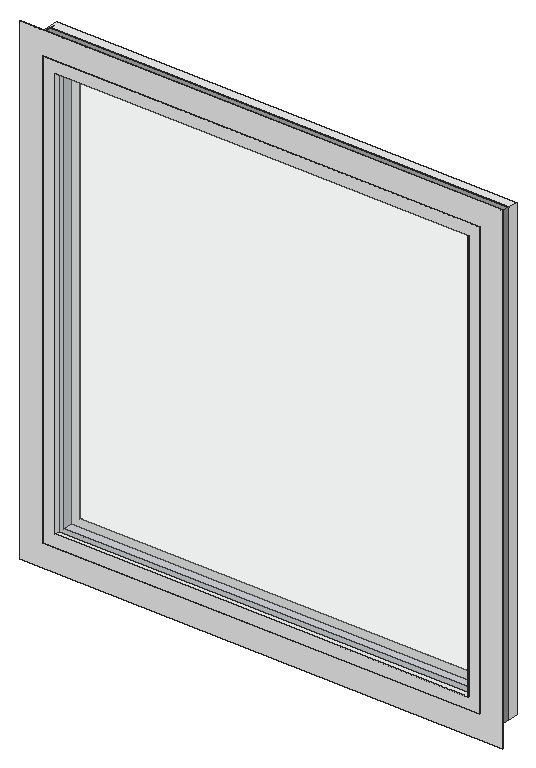
Revit family "Edge_TB42_B_Side_Hung_Standard", category Windows, host Wall, Revit 2014
Parameters (values of type "Casement_Sash_DG")
  Width Sash [instance] = 30 mm
  Width Sash Inner = 15 mm
  Width Bead = 15 mm
  Top Hung [instance] = yes
  Thermal Break Material = Rubber, Black
  Thermal Break Length = 16 mm
  Side Hung Right [instance] = yes
  Side Hung Left [instance] = yes
  Sash Opening Width [instance] = 600 mm
  Sash Opening Height [instance] = 600 mm
  Sash Lip = 15 mm
  Sash Leg [instance] = (Depth Sash - Thermal Break Length) / 2  # 13 mm
  SG Bead Leg = 6.683 mm
  Glazing Material [instance] = Glass
  Glazing Offset = 5 mm
  DG Start Piece 2 [instance] = DG End Piece 1 + DG Gasket Thickness  # 24.158 mm
  DG Start Peice 1 [instance] = ((Depth Sash - (2 * DG Glazing Thickness) - DG Gasket Thickness) / 2) - (SG Bead Leg - Aluminium Thickness) / 2  # 5.758 mm
  DG Glazing Thickness [instance] = 6.4 mm
  DG Gasket Thickness = 12 mm  # constant formula
  DG Gasket Material [instance] = none
  Depth Sash [instance] = 42 mm
  DG End Piece 2 [instance] = DG Start Piece 2 + DG Glazing Thickness  # 30.558 mm
  DG End Piece 1 [instance] = DG Start Peice 1 + DG Glazing Thickness  # 12.158 mm
  Center Vertical Sash [instance] = Sash Opening Height / 2  # 300 mm
  Center Horizontal Sash [instance] = Sash Opening Width / 2  # 300 mm
  Bottom Hung [instance] = yes
  Bead Offset = 15 mm
  Aluminium Thickness = 1 mm
  Aluminium Material [instance] = White Powder Coated Aluminium
Reference planes
  plane 1 "Center (Front/Back)": y = 0
  plane 2: z = 0
  plane 3 "Center (Left/Right)": x = 0
Forms (mm)
  Sweep 1, solid, material "White Powder Coated Aluminium" <- "Aluminium Material"
    path origin (16.177, 0, 121.331) x (1, 0, 0) y (0, 0, 1)
      loop
        line (0, 0) -> (600, 0) -> (600, 600) -> (0, 600) -> (0, 0)
    profile origin (316.177, 0, 121.331) x (0, 0, 1) y (0, -1, 0)
      loop
        line (0, 0) -> (30, 0) -> (30, 1) -> (15, 1) -> (15, 13) -> (14, 13) -> (14, 1) -> (1, 1) -> (1, 13) -> (0, 13) -> (0, 0)
      loop
        line (15, 42) -> (-15, 42) -> (-15, 41) -> (0, 41) -> (0, 29) -> (1, 29) -> (1, 41) -> (14, 41) -> (14, 29) -> (15, 29) -> (15, 42)
  Sweep 2, solid, material "White Powder Coated Aluminium" <- "Aluminium Material"
    path origin (0, 0, 0) x (1, 0, 0) y (0, 0, 1)
      loop
        line (31.177, 706.331) -> (31.177, 136.331) -> (601.177, 136.331) -> (601.177, 706.331) -> (31.177, 706.331)
    profile origin (316.177, 0, 706.331) x (0, 0, 1) y (0, -1, 0)
      loop
        line (0, 41) -> (0, 42) -> (-15, 42) -> (-15, 35.317) -> (-14, 35.317) -> (-14, 41) -> (0, 41)
  Extrusion 3, solid, material "Glass" <- "Glazing Material"
    sketch origin (0, 0, 0) x (1, 0, 0) y (0, 0, 1)
      loop
        line (36.177, 701.331) -> (36.177, 141.331) -> (596.177, 141.331) -> (596.177, 701.331) -> (36.177, 701.331)
    from 5.758 <- "DG Start Peice 1" to 12.158 <- "DG End Piece 1"
  Extrusion 4, solid, material "Glass" <- "Glazing Material"
    sketch origin (0, 0, 0) x (1, 0, 0) y (0, 0, 1)
      loop
        line (36.177, 701.331) -> (36.177, 141.331) -> (596.177, 141.331) -> (596.177, 701.331) -> (36.177, 701.331)
    from 30.558 <- "DG End Piece 2" to 24.158 <- "DG Start Piece 2"
  Sweep 5, solid, material <- "DG Gasket Material"
    path origin (0, -12.158, 0) x (1, 0, 0) y (0, 0, 1)
      loop
        line (36.177, 701.331) -> (36.177, 141.331) -> (596.177, 141.331) -> (596.177, 701.331) -> (36.177, 701.331)
    profile origin (316.177, -12.158, 701.331) x (0, 0, 1) y (0, -1, 0)
      loop
        line (0, 0) -> (0, 12) -> (-7.96, 12) -> (-7.96, 0) -> (0, 0)
  Sweep 6, solid, material "Rubber, Black" <- "Thermal Break Material"
    path origin (16.177, -13, 121.331) x (1, 0, 0) y (0, 0, 1)
      loop
        line (-15, 615) -> (-15, -15) -> (615, -15) -> (615, 615) -> (-15, 615)
    profile origin (316.177, -13, 736.331) x (0, 0, 1) y (0, -1, 0)
      loop
        line (-15, 16) -> (-16, 16) -> (-16, 0) -> (-15, 0) -> (-15, 16)
      loop
        line (-29, 16) -> (-30, 16) -> (-30, 0) -> (-29, 0) -> (-29, 16)
Lines and regions (mm)
  model lines
    curve 1: line (1.177, -42, 736.331) -> (31.177, -42, 706.331)
    curve 2: line (601.177, -42, 706.331) -> (631.177, -42, 736.331)
    curve 3: line (601.177, -42, 136.331) -> (631.177, -42, 106.331)
    curve 4: line (1.177, -42, 106.331) -> (31.177, -42, 136.331)
    curve 5: line (631.177, -41, 736.331) -> (616.177, -41, 721.331)
    curve 6: line (1.177, -41, 736.331) -> (16.177, -41, 721.331)
    curve 7: line (1.177, -41, 106.331) -> (16.177, -41, 121.331)
    curve 8: line (631.177, -41, 106.331) -> (616.177, -41, 121.331)
    curve 9: line (616.177, 0, 121.331) -> (586.177, 0, 151.331)
    curve 10: line (46.177, 0, 151.331) -> (16.177, 0, 121.331)
    curve 11: line (616.177, 0, 721.331) -> (586.177, 0, 691.331)
    curve 12: line (46.177, 0, 691.331) -> (16.177, 0, 721.331)
    curve 13: line (31.177, -42, 691.331) -> (46.177, -42, 691.331)
    curve 14: line (586.177, -42, 691.331) -> (601.177, -42, 691.331)
    curve 15: line (586.177, -42, 151.331) -> (601.177, -42, 151.331)
    curve 16: line (31.177, -42, 151.331) -> (46.177, -42, 151.331)
  model lines, style "GenericModelHiddenLines", visible <- "Top Hung"
    curve 17: line (46.386, -30.558, 690.602) -> (316.177, -30.558, 151.331)
    curve 18: line (316.177, -30.558, 151.331) -> (586.177, -30.558, 691.018)
  model lines, style "GenericModelHiddenLines", visible <- "Bottom Hung"
    curve 19: line (46.177, -30.558, 151.331) -> (316.177, -30.558, 691.018)
    curve 20: line (316.177, -30.558, 691.018) -> (586.177, -30.558, 151.331)
  model lines, style "GenericModelHiddenLines", visible <- "Side Hung Left"
    curve 21: line (46.386, -30.558, 690.602) -> (585.24, -30.558, 421.331)
    curve 22: line (585.24, -30.558, 421.331) -> (46.177, -30.558, 151.331)
  model lines, style "GenericModelHiddenLines", visible <- "Side Hung Right"
    curve 23: line (586.177, -30.558, 691.018) -> (46.177, -30.558, 421.331)
    curve 24: line (46.177, -30.558, 421.331) -> (586.177, -30.558, 151.331)
Dimensions and locks
  "Aluminium Thickness": Sweep 1 sketch curve to Sweep 1 sketch curve  (x6)
  "Depth Sash": Sweep 1 sketch curve to Sweep 1 sketch curve
  "Sash Opening Width": Sweep 1 to Sweep 1
  "Sash Opening Height": Sweep 1 to Sweep 1
  "Width Sash": Sweep 1 sketch curve to Sweep 1 sketch curve  (x2)
  "Width Sash Inner": Sweep 1 sketch curve to Sweep 1 sketch curve
  "Sash Lip": Sweep 1 sketch curve to Sweep 1 sketch curve
  "Glazing Offset": Sweep 2 to Extrusion 3 sketch curve  (x3)
  "Glazing Offset": Extrusion 3 sketch curve to Sweep 2
  Sweep 1 to Sweep 1 = 1 mm
  "Width Bead": Sweep 2 sketch curve to Sweep 2 sketch curve
  locked: Sweep 5 sketch curve to Sweep 5 sketch curve at 7.96
  "Center Horizontal Sash": Sweep 1 to curve 18
  "Center Horizontal Sash": Sweep 1 to curve 20
  "Center Vertical Sash": Sweep 1 to curve 22
  "Center Vertical Sash": Sweep 1 to curve 24
  "Sash Leg": Sweep 1 sketch curve to Sweep 1 sketch curve
  "Aluminium Thickness": Sweep 2 sketch curve to Sweep 2 sketch curve  (x2)
  "SG Bead Leg": Sweep 2 sketch curve to Sweep 2 sketch curve
  aligned and locked: level to plane 2
  aligned and locked: Sweep 1 sketch curve to Sweep 1 sketch curve  (x3)
  aligned and locked: Sweep 2 sketch curve to Sweep 1  (x4)
  aligned and locked: Sweep 1 to Sweep 2 sketch curve  (x2)
  aligned and locked: Extrusion 4 sketch curve to Extrusion 3  (x4)
  aligned and locked: Sweep 5 sketch curve to Extrusion 3  (x5)
  aligned and locked: Extrusion 3 to Sweep 5 sketch curve
  aligned and locked: Sweep 6 sketch curve to Sweep 1  (x10)
  aligned and locked: Sweep 1 to Sweep 6 sketch curve  (x2)
Automatic sketch dimensions
  plane 3 "Center (Left/Right)" to Sweep 1 sketch curve = 16.177 mm
  level to Sweep 1 sketch curve = 121.331 mm
  plane 3 "Center (Left/Right)" to Sweep 1 sketch curve = 616.177 mm
  level to Sweep 1 sketch curve = 721.331 mm
  profile plane to Sweep 5 sketch curve = 12 mm
  curve 7 to Sweep 1 = 0 mm  (x4)
  curve 6 to Sweep 1 = 0 mm  (x3)
  Sweep 1 to curve 6 = 0 mm
  curve 5 to Sweep 1 = 0 mm  (x3)
  curve 8 to Sweep 1 = 0 mm  (x4)
  Sweep 1 to curve 5 = 0 mm
  curve 16 to Sweep 2 = 0 mm  (x3)
  curve 13 to Sweep 2 = 0 mm  (x3)
  curve 15 to Sweep 2 = 0 mm
  Sweep 2 to curve 15 = 0 mm  (x2)
  curve 14 to Sweep 2 = 0 mm  (x2)
  Sweep 2 to curve 14 = 0 mm
  curve 1 to Sweep 1 = 0 mm  (x4)
  curve 4 to Sweep 1 = 0 mm  (x4)
  curve 2 to Sweep 1 = 0 mm  (x4)
  curve 3 to Sweep 1 = 0 mm  (x2)
  Sweep 1 to curve 3 = 0 mm  (x2)
  curve 10 to Sweep 1 = 0 mm  (x4)
  curve 12 to Sweep 1 = 0 mm  (x2)
  Sweep 1 to curve 12 = 0 mm  (x2)
  curve 11 to Sweep 1 = 0 mm  (x4)
  curve 9 to Sweep 1 = 0 mm  (x4)
  profile plane to Sweep 1 sketch curve = 0 mm  (x2)
  Sweep 1 sketch curve to plane 1 "Center (Front/Back)" = 0 mm
  Sweep 1 sketch curve to Sweep 1 sketch curve = 13 mm
  Sweep 1 sketch curve to Sweep 1 sketch curve = 12 mm  (x2)
  curve 21 to Extrusion 4 = 10.208 mm
  curve 19 to Extrusion 4 = 10 mm
  curve 23 to Extrusion 4 = 10 mm  (x2)
  curve 22 to Extrusion 4 = 10.937 mm
  curve 20 to Extrusion 4 = 10 mm
  curve 24 to Extrusion 4 = 10 mm
  curve 22 to Extrusion 4 = 10 mm
  curve 18 to Extrusion 4 = 10 mm
  curve 21 to Extrusion 4 = 10.729 mm
  curve 19 to Extrusion 4 = 10.312 mm
  curve 18 to Extrusion 4 = 10.312 mm
Types in the file's own list only (18): name | Windload Design | Width Sash Opening | Width Sash | Width Profile | Width Panel 4 | Width Panel 1 | Width | URL | Offset Window Exterior | Max System DG Unit Thickness | Max System DG One Piece Thickness | Max Pane Area | Limit Fixed Panel Width Max | Intruderprufe U Value | Intruderprufe SHGC Value | Intruderprufe LowE U Value | Intruderprufe LowE SHGC Value | Intruderprufe Insulated U Value | Intruderprufe Insulated SHGC Value | Intruderprufe Insulated LowE U Value | Intruderprufe Insulated LowE SHGC Value | Height Sash Opening | Height | Has Stiffener Cap | Energy Advantage U Value | Energy Advantage SHGC Value | DG Thickness Calc | Custom Window Width | Custom Window Height | Window Exterior Offset | Custom Windload | Custom Sash Width | Sash Spacing Inner | Sash Overlap | Sash Center Offset | SG Gasket Thickness | Offset Sash Left | Offset Sash Top | Offset Panel 4 Left | Offset Mullion Left | Offset Bead SG Center Reversed | Model | Manufacturer | Limit Window Width Min | Limit Window Width Max | Limit Window Height Min | Limit Window Height Max | Limit Sash Width Min | Limit Sash Width Max | Limit Sash Height Min | Limit Sash Height Max | Limit Fixed Panel Width Min | Length Mullion | Height Sash | Height Panel 4 | Description | Depth Mullion | Frame Center Offset | Depth Bead | Default Sill Height | Wall Closure | DG Gasket Finish | DG Extrusion Start | Mullion Depth Windload Based | Clearvue U Value | Clearvue SHGC Value | Clearvue Insulated U Value | Clearvue Insulated SHGC Value | Clearvue Insulated LowE U Value | Clearvue Insulated LowE SHGC Value | Casement Dimension | Bead SG Gap | Area Pane Right | Area Pane Left
  EDGE-0909S-1000Pa | 1000 mm | 554 mm | 524 mm | 30 mm | 261 mm | 539 mm | 890 mm | "http://www.crealco.co.za/crealco-products.php" | 21 mm | 25 mm | 6 mm | 0.37 m² | 1500 mm | 5.18 | 0.485 | 4.02 | 0.437 | 3.1 | 0.433 | 2.66 | 0.392 | 844 mm | 890 mm | No | 4.02 | 0.467 | 4 mm | 890 mm | 890 mm | 0 mm | 1000 mm | 554 mm | 8 mm | 7 mm | 18 mm | 6 mm | 23 mm | 23 mm | 599 mm | 569 mm | 21 mm | "Edge" | "Crealco" | 829 mm | 2129 mm | 346 mm | 1546 mm | 300 mm | 700 mm | 300 mm | 1500 mm | 200 mm | 890 mm | 814 mm | 830 mm | "Thermal break casement windows (42mm), Type B side hung" | 0 mm | 21 mm | 28 mm | 800 mm | By host | Double Glazing Gasket Material | 11 mm | 0 mm | 5.27 | 0.521 | 3.14 | 0.473 | 2.7 | 0.431 | 42 mm | 13 mm | 0.21 m² | 0.37 m²
  EDGE-1209S-1000Pa | 1000 mm | 554 mm | 524 mm | 30 mm | 561 mm | 539 mm | 1190 mm | "http://www.crealco.co.za/crealco-products.php" | 21 mm | 25 mm | 6 mm | 0.45 m² | 1500 mm | 5.29 | 0.542 | 3.96 | 0.485 | 3.02 | 0.481 | 2.52 | 0.435 | 844 mm | 890 mm | No | 3.97 | 0.52 | 4 mm | 1190 mm | 890 mm | 0 mm | 1000 mm | 554 mm | 8 mm | 7 mm | 18 mm | 6 mm | 23 mm | 23 mm | 599 mm | 569 mm | 21 mm | "Edge" | "Crealco" | 829 mm | 2129 mm | 346 mm | 1546 mm | 300 mm | 700 mm | 300 mm | 1500 mm | 200 mm | 890 mm | 814 mm | 830 mm | "Thermal break casement windows (42mm), Type B side hung" | 0 mm | 21 mm | 28 mm | 800 mm | By host | Double Glazing Gasket Material | 11 mm | 0 mm | 5.38 | 0.581 | 3.07 | 0.524 | 2.56 | 0.477 | 42 mm | 13 mm | 0.45 m² | 0.37 m²
  EDGE-1509S-1000Pa | 1000 mm | 554 mm | 524 mm | 30 mm | 861 mm | 539 mm | 1490 mm | "http://www.crealco.co.za/crealco-products.php" | 21 mm | 25 mm | 6 mm | 0.70 m² | 1500 mm | 5.35 | 0.575 | 3.92 | 0.514 | 2.98 | 0.509 | 2.44 | 0.46 | 844 mm | 890 mm | No | 3.94 | 0.551 | 4 mm | 1490 mm | 890 mm | 0 mm | 1000 mm | 554 mm | 8 mm | 7 mm | 18 mm | 6 mm | 23 mm | 23 mm | 599 mm | 569 mm | 21 mm | "Edge" | "Crealco" | 829 mm | 2129 mm | 346 mm | 1546 mm | 300 mm | 700 mm | 300 mm | 1500 mm | 200 mm | 890 mm | 814 mm | 830 mm | "Thermal break casement windows (42mm), Type B side hung" | 0 mm | 21 mm | 28 mm | 800 mm | By host | Double Glazing Gasket Material | 11 mm | 0 mm | 5.45 | 0.617 | 3.02 | 0.55 | 2.48 | 0.504 | 42 mm | 13 mm | 0.70 m² | 0.37 m²
  EDGE-0912S-1000Pa | 1000 mm | 554 mm | 524 mm | 30 mm | 261 mm | 539 mm | 890 mm | "http://www.crealco.co.za/crealco-products.php" | 21 mm | 25 mm | 6 mm | 0.52 m² | 1500 mm | 5.22 | 0.51 | 4 | 0.458 | 3.07 | 0.453 | 2.6 | 0.41 | 1144 mm | 1190 mm | No | 4 | 0.49 | 4 mm | 890 mm | 1190 mm | 0 mm | 1000 mm | 554 mm | 8 mm | 7 mm | 18 mm | 6 mm | 23 mm | 23 mm | 599 mm | 569 mm | 21 mm | "Edge" | "Crealco" | 829 mm | 2129 mm | 346 mm | 1546 mm | 300 mm | 700 mm | 300 mm | 1500 mm | 200 mm | 1190 mm | 1114 mm | 1130 mm | "Thermal break casement windows (42mm), Type B side hung" | 0 mm | 21 mm | 28 mm | 800 mm | By host | Double Glazing Gasket Material | 11 mm | 0 mm | 5.23 | 0.547 | 3.11 | 0.495 | 2.64 | 0.45 | 42 mm | 13 mm | 0.28 m² | 0.52 m²
  EDGE-1212S-1000Pa | 1000 mm | 554 mm | 524 mm | 30 mm | 561 mm | 539 mm | 1190 mm | "http://www.crealco.co.za/crealco-products.php" | 21 mm | 25 mm | 6 mm | 0.62 m² | 1500 mm | 5.33 | 0.566 | 3.39 | 0.506 | 2.99 | 0.5 | 2.46 | 0.452 | 1144 mm | 1190 mm | No | 3.95 | 0.542 | 4 mm | 1190 mm | 1190 mm | 0 mm | 1000 mm | 554 mm | 8 mm | 7 mm | 18 mm | 6 mm | 23 mm | 23 mm | 599 mm | 569 mm | 21 mm | "Edge" | "Crealco" | 829 mm | 2129 mm | 346 mm | 1546 mm | 300 mm | 700 mm | 300 mm | 1500 mm | 200 mm | 1190 mm | 1114 mm | 1130 mm | "Thermal break casement windows (42mm), Type B side hung" | 0 mm | 21 mm | 28 mm | 800 mm | By host | Double Glazing Gasket Material | 11 mm | 0 mm | 5.43 | 0.606 | 3.03 | 0.545 | 2.5 | 0.495 | 42 mm | 13 mm | 0.62 m² | 0.52 m²
  EDGE-1512S-1000Pa | 1000 mm | 554 mm | 524 mm | 30 mm | 861 mm | 539 mm | 1490 mm | "http://www.crealco.co.za/crealco-products.php" | 21 mm | 25 mm | 6 mm | 0.95 m² | 1500 mm | 5.4 | 0.599 | 3.89 | 0.534 | 2.95 | 0.528 | 2.38 | 0.477 | 1144 mm | 1190 mm | No | 3.92 | 0.573 | 4 mm | 1490 mm | 1190 mm | 0 mm | 1000 mm | 554 mm | 8 mm | 7 mm | 18 mm | 6 mm | 23 mm | 23 mm | 599 mm | 569 mm | 21 mm | "Edge" | "Crealco" | 829 mm | 2129 mm | 346 mm | 1546 mm | 300 mm | 700 mm | 300 mm | 1500 mm | 200 mm | 1190 mm | 1114 mm | 1130 mm | "Thermal break casement windows (42mm), Type B side hung" | 0 mm | 21 mm | 28 mm | 800 mm | By host | Double Glazing Gasket Material | 11 mm | 0 mm | 5.5 | 0.641 | 2.99 | 0.575 | 2.42 | 0.523 | 42 mm | 13 mm | 0.95 m² | 0.52 m²
  EDGE-0909S-1500Pa | 1500 mm | 554 mm | 524 mm | 30 mm | 261 mm | 539 mm | 890 mm | "http://www.crealco.co.za/crealco-products.php" | 21 mm | 25 mm | 6 mm | 0.37 m² | 1500 mm | 5.18 | 0.485 | 4.02 | 0.437 | 3.1 | 0.433 | 2.66 | 0.392 | 844 mm | 890 mm | No | 4.02 | 0.467 | 4 mm | 890 mm | 890 mm | 0 mm | 1500 mm | 554 mm | 8 mm | 7 mm | 18 mm | 6 mm | 23 mm | 23 mm | 599 mm | 569 mm | 21 mm | "Edge" | "Crealco" | 829 mm | 2129 mm | 346 mm | 1546 mm | 300 mm | 700 mm | 300 mm | 1500 mm | 200 mm | 890 mm | 814 mm | 830 mm | "Thermal break casement windows (42mm), Type B side hung" | 0 mm | 21 mm | 28 mm | 800 mm | By host | Double Glazing Gasket Material | 11 mm | 0 mm | 5.27 | 0.521 | 3.14 | 0.473 | 2.7 | 0.431 | 42 mm | 13 mm | 0.21 m² | 0.37 m²
  EDGE-0909S-2000Pa | 2000 mm | 554 mm | 524 mm | 30 mm | 261 mm | 539 mm | 890 mm | "http://www.crealco.co.za/crealco-products.php" | 21 mm | 25 mm | 6 mm | 0.37 m² | 1500 mm | 5.18 | 0.485 | 4.02 | 0.437 | 3.1 | 0.433 | 2.66 | 0.392 | 844 mm | 890 mm | No | 4.02 | 0.467 | 4 mm | 890 mm | 890 mm | 0 mm | 2000 mm | 554 mm | 8 mm | 7 mm | 18 mm | 6 mm | 23 mm | 23 mm | 599 mm | 569 mm | 21 mm | "Edge" | "Crealco" | 829 mm | 2129 mm | 346 mm | 1546 mm | 300 mm | 700 mm | 300 mm | 1500 mm | 200 mm | 890 mm | 814 mm | 830 mm | "Thermal break casement windows (42mm), Type B side hung" | 0 mm | 21 mm | 28 mm | 800 mm | By host | Double Glazing Gasket Material | 11 mm | 0 mm | 5.27 | 0.521 | 3.14 | 0.473 | 2.7 | 0.431 | 42 mm | 13 mm | 0.21 m² | 0.37 m²
  EDGE-1209S-1500Pa | 1500 mm | 554 mm | 524 mm | 30 mm | 561 mm | 539 mm | 1190 mm | "http://www.crealco.co.za/crealco-products.php" | 21 mm | 25 mm | 6 mm | 0.45 m² | 1500 mm | 5.29 | 0.542 | 3.96 | 0.485 | 3.02 | 0.481 | 2.52 | 0.435 | 844 mm | 890 mm | No | 3.97 | 0.52 | 4 mm | 1190 mm | 890 mm | 0 mm | 1500 mm | 554 mm | 8 mm | 7 mm | 18 mm | 6 mm | 23 mm | 23 mm | 599 mm | 569 mm | 21 mm | "Edge" | "Crealco" | 829 mm | 2129 mm | 346 mm | 1546 mm | 300 mm | 700 mm | 300 mm | 1500 mm | 200 mm | 890 mm | 814 mm | 830 mm | "Thermal break casement windows (42mm), Type B side hung" | 0 mm | 21 mm | 28 mm | 800 mm | By host | Double Glazing Gasket Material | 11 mm | 0 mm | 5.38 | 0.581 | 3.07 | 0.524 | 2.56 | 0.477 | 42 mm | 13 mm | 0.45 m² | 0.37 m²
  EDGE-1209S-2000Pa | 2000 mm | 554 mm | 524 mm | 30 mm | 561 mm | 539 mm | 1190 mm | "http://www.crealco.co.za/crealco-products.php" | 21 mm | 25 mm | 6 mm | 0.45 m² | 1500 mm | 5.29 | 0.542 | 3.96 | 0.485 | 3.02 | 0.481 | 2.52 | 0.435 | 844 mm | 890 mm | No | 3.97 | 0.52 | 4 mm | 1190 mm | 890 mm | 0 mm | 2000 mm | 554 mm | 8 mm | 7 mm | 18 mm | 6 mm | 23 mm | 23 mm | 599 mm | 569 mm | 21 mm | "Edge" | "Crealco" | 829 mm | 2129 mm | 346 mm | 1546 mm | 300 mm | 700 mm | 300 mm | 1500 mm | 200 mm | 890 mm | 814 mm | 830 mm | "Thermal break casement windows (42mm), Type B side hung" | 0 mm | 21 mm | 28 mm | 800 mm | By host | Double Glazing Gasket Material | 11 mm | 0 mm | 5.38 | 0.581 | 3.07 | 0.524 | 2.56 | 0.477 | 42 mm | 13 mm | 0.45 m² | 0.37 m²
  EDGE-1509S-1500Pa | 1500 mm | 554 mm | 524 mm | 30 mm | 861 mm | 539 mm | 1490 mm | "http://www.crealco.co.za/crealco-products.php" | 21 mm | 25 mm | 6 mm | 0.70 m² | 1500 mm | 5.35 | 0.575 | 3.92 | 0.514 | 2.98 | 0.509 | 2.44 | 0.46 | 844 mm | 890 mm | No | 3.94 | 0.551 | 4 mm | 1490 mm | 890 mm | 0 mm | 1500 mm | 554 mm | 8 mm | 7 mm | 18 mm | 6 mm | 23 mm | 23 mm | 599 mm | 569 mm | 21 mm | "Edge" | "Crealco" | 829 mm | 2129 mm | 346 mm | 1546 mm | 300 mm | 700 mm | 300 mm | 1500 mm | 200 mm | 890 mm | 814 mm | 830 mm | "Thermal break casement windows (42mm), Type B side hung" | 0 mm | 21 mm | 28 mm | 800 mm | By host | Double Glazing Gasket Material | 11 mm | 0 mm | 5.45 | 0.617 | 3.02 | 0.55 | 2.48 | 0.504 | 42 mm | 13 mm | 0.70 m² | 0.37 m²
  EDGE-1509S-2000Pa | 2000 mm | 554 mm | 524 mm | 30 mm | 861 mm | 539 mm | 1490 mm | "http://www.crealco.co.za/crealco-products.php" | 21 mm | 25 mm | 6 mm | 0.70 m² | 1500 mm | 5.35 | 0.575 | 3.92 | 0.514 | 2.98 | 0.509 | 2.44 | 0.46 | 844 mm | 890 mm | No | 3.94 | 0.551 | 4 mm | 1490 mm | 890 mm | 0 mm | 2000 mm | 554 mm | 8 mm | 7 mm | 18 mm | 6 mm | 23 mm | 23 mm | 599 mm | 569 mm | 21 mm | "Edge" | "Crealco" | 829 mm | 2129 mm | 346 mm | 1546 mm | 300 mm | 700 mm | 300 mm | 1500 mm | 200 mm | 890 mm | 814 mm | 830 mm | "Thermal break casement windows (42mm), Type B side hung" | 0 mm | 21 mm | 28 mm | 800 mm | By host | Double Glazing Gasket Material | 11 mm | 0 mm | 5.45 | 0.617 | 3.02 | 0.55 | 2.48 | 0.504 | 42 mm | 13 mm | 0.70 m² | 0.37 m²
  EDGE-0912S-1500Pa | 1500 mm | 554 mm | 524 mm | 30 mm | 261 mm | 539 mm | 890 mm | "http://www.crealco.co.za/crealco-products.php" | 21 mm | 25 mm | 6 mm | 0.52 m² | 1500 mm | 5.22 | 0.51 | 4 | 0.458 | 3.07 | 0.453 | 2.6 | 0.41 | 1144 mm | 1190 mm | No | 4 | 0.49 | 4 mm | 890 mm | 1190 mm | 0 mm | 1500 mm | 554 mm | 8 mm | 7 mm | 18 mm | 6 mm | 23 mm | 23 mm | 599 mm | 569 mm | 21 mm | "Edge" | "Crealco" | 829 mm | 2129 mm | 346 mm | 1546 mm | 300 mm | 700 mm | 300 mm | 1500 mm | 200 mm | 1190 mm | 1114 mm | 1130 mm | "Thermal break casement windows (42mm), Type B side hung" | 0 mm | 21 mm | 28 mm | 800 mm | By host | Double Glazing Gasket Material | 11 mm | 0 mm | 5.23 | 0.547 | 3.11 | 0.495 | 2.64 | 0.45 | 42 mm | 13 mm | 0.28 m² | 0.52 m²
  EDGE-0912S-2000Pa | 2000 mm | 554 mm | 524 mm | 30 mm | 261 mm | 539 mm | 890 mm | "http://www.crealco.co.za/crealco-products.php" | 21 mm | 25 mm | 6 mm | 0.52 m² | 1500 mm | 5.22 | 0.51 | 4 | 0.458 | 3.07 | 0.453 | 2.6 | 0.41 | 1144 mm | 1190 mm | No | 4 | 0.49 | 4 mm | 890 mm | 1190 mm | 0 mm | 2000 mm | 554 mm | 8 mm | 7 mm | 18 mm | 6 mm | 23 mm | 23 mm | 599 mm | 569 mm | 21 mm | "Edge" | "Crealco" | 829 mm | 2129 mm | 346 mm | 1546 mm | 300 mm | 700 mm | 300 mm | 1500 mm | 200 mm | 1190 mm | 1114 mm | 1130 mm | "Thermal break casement windows (42mm), Type B side hung" | 0 mm | 21 mm | 28 mm | 800 mm | By host | Double Glazing Gasket Material | 11 mm | 0 mm | 5.23 | 0.547 | 3.11 | 0.495 | 2.64 | 0.45 | 42 mm | 13 mm | 0.28 m² | 0.52 m²
  EDGE-1212S-1500Pa | 1500 mm | 554 mm | 524 mm | 30 mm | 561 mm | 539 mm | 1190 mm | "http://www.crealco.co.za/crealco-products.php" | 21 mm | 25 mm | 6 mm | 0.62 m² | 1500 mm | 5.33 | 0.566 | 3.39 | 0.506 | 2.99 | 0.5 | 2.46 | 0.452 | 1144 mm | 1190 mm | No | 3.95 | 0.542 | 4 mm | 1190 mm | 1190 mm | 0 mm | 1500 mm | 554 mm | 8 mm | 7 mm | 18 mm | 6 mm | 23 mm | 23 mm | 599 mm | 569 mm | 21 mm | "Edge" | "Crealco" | 829 mm | 2129 mm | 346 mm | 1546 mm | 300 mm | 700 mm | 300 mm | 1500 mm | 200 mm | 1190 mm | 1114 mm | 1130 mm | "Thermal break casement windows (42mm), Type B side hung" | 0 mm | 21 mm | 28 mm | 800 mm | By host | Double Glazing Gasket Material | 11 mm | 0 mm | 5.43 | 0.606 | 3.03 | 0.545 | 2.5 | 0.495 | 42 mm | 13 mm | 0.62 m² | 0.52 m²
  EDGE-1212S-2000Pa | 2000 mm | 554 mm | 524 mm | 30 mm | 561 mm | 539 mm | 1190 mm | "http://www.crealco.co.za/crealco-products.php" | 21 mm | 25 mm | 6 mm | 0.62 m² | 1500 mm | 4.89 | 0.628 | 3.47 | 0.559 | 2.65 | 0.554 | 2.11 | 0.5 | 1144 mm | 1190 mm | Yes | 3.5 | 0.6 | 4 mm | 1190 mm | 1190 mm | 0 mm | 2000 mm | 554 mm | 8 mm | 7 mm | 18 mm | 6 mm | 23 mm | 23 mm | 599 mm | 569 mm | 21 mm | "Edge" | "Crealco" | 829 mm | 2129 mm | 346 mm | 1546 mm | 300 mm | 700 mm | 300 mm | 1500 mm | 200 mm | 1190 mm | 1114 mm | 1130 mm | "Thermal break casement windows (42mm), Type B side hung" | 1 mm | 21 mm | 28 mm | 800 mm | By host | Double Glazing Gasket Material | 11 mm | 1 mm | 4.99 | 0.671 | 2.69 | 0.603 | 2.15 | 0.548 | 42 mm | 13 mm | 0.62 m² | 0.52 m²
  EDGE-1512S-1500Pa | 1500 mm | 554 mm | 524 mm | 30 mm | 861 mm | 539 mm | 1490 mm | "http://www.crealco.co.za/crealco-products.php" | 21 mm | 25 mm | 6 mm | 0.95 m² | 1500 mm | 5.4 | 0.599 | 3.89 | 0.534 | 2.95 | 0.528 | 2.38 | 0.477 | 1144 mm | 1190 mm | No | 3.92 | 0.573 | 4 mm | 1490 mm | 1190 mm | 0 mm | 1500 mm | 554 mm | 8 mm | 7 mm | 18 mm | 6 mm | 23 mm | 23 mm | 599 mm | 569 mm | 21 mm | "Edge" | "Crealco" | 829 mm | 2129 mm | 346 mm | 1546 mm | 300 mm | 700 mm | 300 mm | 1500 mm | 200 mm | 1190 mm | 1114 mm | 1130 mm | "Thermal break casement windows (42mm), Type B side hung" | 0 mm | 21 mm | 28 mm | 800 mm | By host | Double Glazing Gasket Material | 11 mm | 0 mm | 5.5 | 0.641 | 2.99 | 0.575 | 2.42 | 0.523 | 42 mm | 13 mm | 0.95 m² | 0.52 m²
  EDGE-1512S-2000Pa | 2000 mm | 554 mm | 524 mm | 30 mm | 861 mm | 539 mm | 1490 mm | "http://www.crealco.co.za/crealco-products.php" | 21 mm | 25 mm | 6 mm | 0.95 m² | 1500 mm | 5.04 | 0.649 | 3.35 | 0.577 | 2.67 | 0.571 | 2.1 | 0.516 | 1144 mm | 1190 mm | Yes | 3.56 | 0.619 | 4 mm | 1490 mm | 1190 mm | 0 mm | 2000 mm | 554 mm | 8 mm | 7 mm | 18 mm | 6 mm | 23 mm | 23 mm | 599 mm | 569 mm | 21 mm | "Edge" | "Crealco" | 829 mm | 2129 mm | 346 mm | 1546 mm | 300 mm | 700 mm | 300 mm | 1500 mm | 200 mm | 1190 mm | 1114 mm | 1130 mm | "Thermal break casement windows (42mm), Type B side hung" | 1 mm | 21 mm | 28 mm | 800 mm | By host | Double Glazing Gasket Material | 11 mm | 1 mm | 5.15 | 0.693 | 2.72 | 0.621 | 2.14 | 0.564 | 42 mm | 13 mm | 0.95 m² | 0.52 m²
